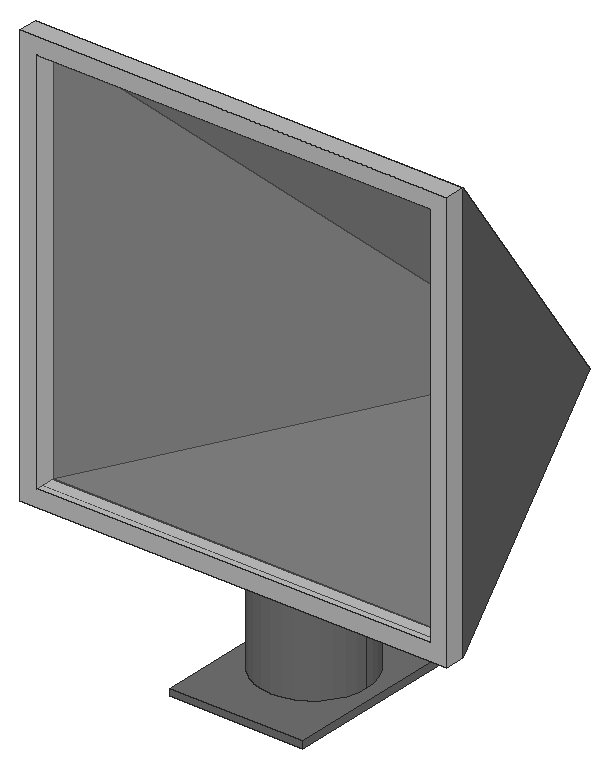
Revit family "M2WD", category Lighting Fixtures, host Face, Revit 2012
Parameters (values of type "M2WD-T2-32LED-3K-700")
  Wattage Comments = "57 and 70 watts High Output Fluorescent"
  Wattage = 182 W
  built-in parameter 1150110 = 1 (stored number, unit not read)
  Voltage = 120 V
  URL = "www.aal.net"
  built-in parameter 1114217 = 1 (stored number, unit not read)
  Tilt Angle = 0.00°
  built-in parameter 1150109 = 1 (stored number, unit not read)
  built-in parameter 1150134 = 12
  built-in parameter 1150113 = 1 (stored number, unit not read)
  Product Page URL = "http://www.aal.net/products/mitre_medium_scale/"
  Product Documentation Link = "http://www.aal.net/content/products/specs/specs_files/aal_m2_spec.pdf"
  Photometric Web File = "M2-T2-32LED-3K-700.ies"
  Model = "M2WD"  # constant formula
  Manufacturer Phone = "626-968-5666"  # constant formula
  Manufacturer Fax = "26-369-2695"  # constant formula
  Manufacturer = "Architectural Area Lighting"  # constant formula
  built-in parameter 1150105 = 1074.6 (stored number, unit not read)
  Lumens = 13504.4 lm
  built-in parameter 1150115 = 1 (stored number, unit not read)
  built-in parameter 1150137 = (empty or 0)
  built-in parameter 1150139 = (empty or 0)
  built-in parameter 1150112 = 1 (stored number, unit not read)
  built-in parameter 1150114 = 1 (stored number, unit not read)
  Lamp = "One"
  built-in parameter 1150132 = (empty or 0)
  built-in parameter 1150102 = (empty or 0)
  built-in parameter 1150107 = 4000 (stored number, unit not read)
  built-in parameter 1150138 = (empty or 0)
  built-in parameter 1150106 = 10.746 (stored number, unit not read)
  Glass = Glass-Finish
  Finish 2 = Silicon Gasket
  Finish = Die Cast Aluminium
  built-in parameter 1150104 = 6.8934 (stored number, unit not read)
  Dimming Lamp Color Temperature Shift = <None>
  Description = "Horizontal reflector downlight"  # constant formula
  Default Elevation = 60"
  Color Filter = 16777215
  built-in parameter 1114218 = 1 (stored number, unit not read)
  built-in parameter 1150133 = 10 (stored number, unit not read)
  Apparent Load = 0 VA
Types (22): name | Photometric Web File
  M2WD-T2-32LED-3K-700 | "M2-T2-32LED-3K-700.ies"
  M2WD-T3-32LED-3K-700 | "M2-T3-32LED-3K-700.ies"
  M2WD-T4-32LED-3K-700 | "M2-T4-32LED-3K-700.ies"
  M2WD-T4-32LED-3K-HSS-700 | "M2-T4-32LED-3K-HSS-700.ies"
  M2WD-T5-32LED-3K-700 | "M2-T5-32LED-3K-700.ies"
  M2WD-TL-32LED-3K-700 | "M2-TL-32LED-3K-700.ies"
  M2WD-TR-32LED-3K-700 | "M2-TR-32LED-3K-700.ies"
  M2WD-T2-32LED-4K-700 | "M2-T2-32LED-4K-700.ies"
  M2WD-T3-32LED-4K-700 | "M2-T3-32LED-4K-700.ies"
  M2WD-T4-32LED-4K-700 | "M2-T4-32LED-4K-700.ies"
  M2WD-T4-32LED-4K-HSS-700 | "M2-T4-32LED-4K-HSS-700.ies"
  M2WD-T5-32LED-4K-700 | "M2-T5-32LED-4K-700.ies"
  M2WD-TL-32LED-4K-700 | "M2-TL-32LED-4K-700.ies"
  M2WD-TR-32LED-4K-700 | "M2-TR-32LED-4K-700.ies"
  M2WD-T2-32LED-5K-700 | "M2-T2-32LED-5K-700.ies"
  M2WD-T2-32LED-5K-HSS-700 | "M2-T2-32LED-5K-HSS-700.ies"
  M2WD-T3-32LED-5K-700 | "M2-T3-32LED-5K-700.ies"
  M2WD-T4-32LED-5K-700 | "M2-T4-32LED-5K-700.ies"
  M2WD-T4-32LED-5K-HSS-700 | "M2-T4-32LED-5K-HSS-700.ies"
  M2WD-T5-32LED-5K-700 | "M2-T5-32LED-5K-700.ies"
  M2WD-TL-32LED-5K-700 | "M2-TL-32LED-5K-700.ies"
  M2WD-TR-32LED-5K-700 | "M2-TR-32LED-5K-700.ies"
Reference planes (in)
  plane 1 "Center (Front/Back)": y = 0
  plane 2: z = 0
  plane 3 "Center (Left/Right)": x = 0
  plane 4: x = -8
  plane 5: x = 8
  plane 6: y = 16.75
  plane 7: z = 20.5
  plane 8: y = 1.25
  plane 9: y = 6
  plane 10: z = 4.68959
  plane 11: y = 0.75
  plane 12: y = 3.75
Forms (in)
  Extrusion 1, solid, material "Die Cast Aluminium" <- "Finish"
    sketch origin (0, 0, 0) x (1, 0, 0) y (0, 1, 0)
      loop
        line (-8, 0.75) -> (8, 0.75) -> (0, 16.75) -> (-8, 0.75)
    from 4.68959 to 20.5
  Extrusion 2, void
    sketch origin (0, 0, 0) x (0, 1, 0) y (0, 0, 1)
      loop
        line (16.75, 20.5) -> (0.75, 20.5) -> (16.75, 4.5) -> (16.75, 20.5)
    from -8 to 8
  Sweep 3, solid, material "Silicon Gasket" <- "Finish 2"
    path origin (0, 0, 0) x (1, 0, 0) y (0, 0, 1)
      loop
        line (-8, 20.5) -> (-8, 4.68959) -> (8, 4.68959) -> (8, 20.5) -> (-8, 20.5)
    profile origin (0, 0, 20.5) x (0, 0, 1) y (0, -1, 0)
      loop
        line (0, 0) -> (-0.61433, 0) -> (-0.61433, -0.75) -> (0, -0.75) -> (0, 0)
  Blend 4, void
    base sketch origin (0, 0, 0) x (1, 0, 0) y (0, 0, 1)
      loop
        line (-7.38567, 19.88567) -> (-7.38567, 5.30392) -> (7.38567, 5.30392) -> (7.38567, 19.88567) -> (-7.38567, 19.88567)
    top sketch origin (0, 0, 0) x (1, 0, 0) y (0, 0, 1)
      loop
        line (-1.25, 7.77184) -> (-1.25, 5.30392) -> (1.25, 5.30392) -> (1.25, 7.77184) -> (-1.25, 7.77184)
    from -0.75 to -12.84629
  Revolve 5, solid, material "Die Cast Aluminium" <- "Finish"
    sketch origin (-4.69384, 3.75, 48) x (-1, 0, 0) y (0, 0, 1)
      loop
        line (-4.69384, -43.31041) -> (-6.69384, -43.31041) -> (-6.69384, -48) -> (-4.69384, -48) -> (-4.69384, -43.31041)
      axis (-4.69384, -43.31041) -> (-4.69384, -48)
    angle from 0 to 360
  Extrusion 6, solid, material "Glass-Finish" <- "Glass"
    sketch origin (0, 0, 0) x (1, 0, 0) y (0, 0, 1)
      loop
        line (-7.38567, 5.30392) -> (7.38567, 5.30392) -> (7.38567, 19.88567) -> (-7.38567, 19.88567) -> (-7.38567, 5.30392)
    from 0 to -0.25
  Extrusion 7, solid, material "Die Cast Aluminium" <- "Finish"
    sketch origin (0, 0, 0) x (1, 0, 0) y (0, 1, 0)
      loop
        line (-2.5, 7.375) -> (-2.5, 0.125) -> (2.5, 0.125) -> (2.5, 7.375) -> (-2.5, 7.375)
    from 0 to 0.25
Cuts and joins
  Extrusion 2, Blend 4 cuts Extrusion 1
  joined: Extrusion 1, Revolve 5, Extrusion 7
Dimensions and locks (in)
  equal spacing: plane 4, plane 3 "Center (Left/Right)", plane 5
  plane 4 to plane 5 = 16"
  plane 6 to plane 1 "Center (Front/Back)" = 16 3/4"
  plane 7 to plane 2 = 20 1/2"
  Extrusion 6 sketch curve to Extrusion 6 sketch curve = 14.58174"
  aligned and locked: plane 2 to host face
  aligned and locked: level to host face
  aligned and locked: plane 7 to Extrusion 1
  aligned and locked: Extrusion 1 to plane 10
  aligned and locked: Extrusion 2 to plane 4
  aligned and locked: plane 5 to Extrusion 2
  aligned and locked: plane 11 to cut or joined group of Extrusion 1, Extrusion 2, Blend 4, Revolve 5, Extrusion 7
  aligned and locked: profile plane to Sweep 3 sketch curve
  aligned and locked: Sweep 3 sketch curve to profile plane
  aligned and locked: plane 11 to Sweep 3 sketch curve
  aligned and locked: plane 1 "Center (Front/Back)" to Sweep 3
  aligned and locked: Sweep 3 to plane 11
  aligned and locked: Sweep 3 to plane 10
  aligned and locked: plane 7 to Sweep 3
  aligned and locked: cut or joined group of Extrusion 1, Extrusion 2, Blend 4, Revolve 5, Extrusion 7 to Blend 4
  aligned and locked: Revolve 5 sketch curve to Revolve 5 sketch curve
  aligned and locked: imposter light to plane 3 "Center (Left/Right)"
  aligned and locked: Extrusion 6 sketch curve to cut or joined group of Extrusion 1, Extrusion 2, Blend 4, Revolve 5, Extrusion 7  (x3)
Automatic sketch dimensions
  host sketch curve to host sketch curve = 96"  (x2)
  Extrusion 2 sketch curve to plane 7 = 0"
  Extrusion 2 sketch curve to plane 6 = 0"
  Extrusion 2 sketch curve to plane 10 = 0.18959"
  plane 8 to Extrusion 2 sketch curve = 1/2"
  Extrusion 1 sketch curve to plane 4 = 0"
  Extrusion 1 sketch curve to plane 3 "Center (Left/Right)" = 0"
  Extrusion 1 sketch curve to plane 5 = 0"
  Extrusion 1 sketch curve to plane 6 = 0"
  plane 11 to Extrusion 1 sketch curve = 0"
  profile plane to Sweep 3 sketch curve = 0.61433"
  plane 10 to Blend 4 sketch curve = 0.61433"  (x2)
  Blend 4 sketch curve to plane 3 "Center (Left/Right)" = 1 1/4"
  plane 3 "Center (Left/Right)" to Blend 4 sketch curve = 1 1/4"
  Blend 4 sketch curve to Blend 4 sketch curve = 2.46791"
  Sweep 3 sketch curve to plane 4 = 0"
  Sweep 3 sketch curve to plane 5 = 0"
  Sweep 3 sketch curve to plane 10 = 0"
  Sweep 3 sketch curve to plane 7 = 0"
  plane 4 to Blend 4 sketch curve = 0.61433"
  Blend 4 sketch curve to plane 5 = 0.61433"
  Blend 4 sketch curve to plane 7 = 0.61433"
  Revolve 5 sketch curve to plane 10 = 0"
  Revolve 5 sketch curve to level = 0"
  Revolve 5 sketch curve to plane 3 "Center (Left/Right)" = 0"
  Revolve 5 sketch curve to Revolve 5 sketch curve = 2"
  level to Revolve 5 sketch curve = 1.43959"
  Revolve 5 sketch curve to Revolve 5 sketch curve = 3/4"
  Extrusion 7 sketch curve to plane 5 = 10 1/2"
  Extrusion 7 sketch curve to Extrusion 7 sketch curve = 5"
  plane 9 to Extrusion 7 sketch curve = 5 7/8"
  Extrusion 7 sketch curve to plane 6 = 9 3/8"
Connectors (in)
  electrical at (0, 3.75, 0), driven by "Voltage", driven by "Description"
    settings: on cut or joined group of Extrusion 1, Extrusion 2, Blend 4, Revolve 5, Extrusion 7, index 1, voltage 120 V, apparent load 0 VA, apparent load phase1 0 VA, apparent load phase2 0 VA, apparent load phase3 0 VA, power factor 1, load classification "Other", number of poles 1, system type 30, power factor state 1, is connector primary yes, connector utility no, sub classification motor no, connector description "Horizontal reflector downlight"
